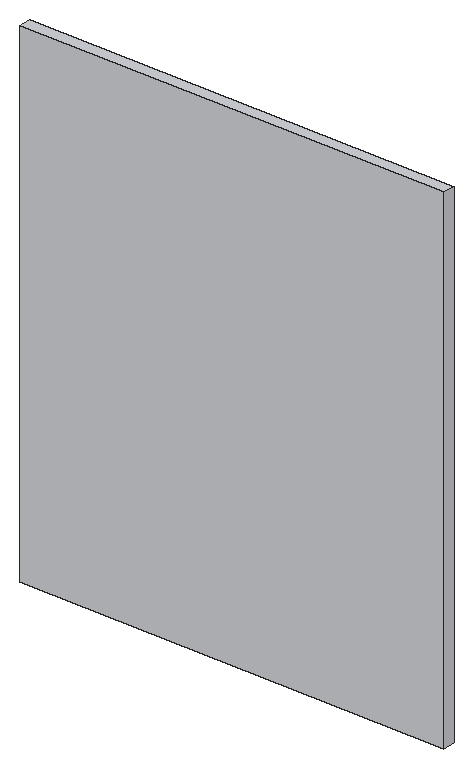
Revit family "Front - Plain", category Casework, Revit 2024
Family settings
  Work Plane-Based = No
  Always vertical = Yes
  Cut with Voids When Loaded = No
  Shared = No
  Room Calculation Point = No
Parameters (values of type "Front - Plain")
  Width = 600 mm
  Swing = yes
  Height = 704 mm
  Front Finish = none
  Depth = 16 mm
  Default Elevation = 0 mm
  Creator Organization [instance] = "© Danish Educational Content"  # constant formula
  Creator Name [instance] = "© Erik Falck Jørgensen"  # constant formula
  Creator Build [instance] = "2023.0405.0"  # constant formula
  Assembly Code = ""
Reference planes
  plane 1 "Front": y = 0
  plane 2: z = 0
  plane 3 "Center (Left/Right)": x = 0
  plane 4: x = -300
  plane 5: x = 300
  plane 6: z = 704
Forms (mm)
  Extrusion 1, solid, material <- "Front Finish"
    sketch origin (0, 0, 0) x (1, 0, 0) y (0, 0, 1)
      loop
        line (-297, 701) -> (-297, 3) -> (297, 3) -> (297, 701) -> (-297, 701)
    from 0 to 16 <- "Depth"
Lines and regions (mm)
  reference lines
    curve 1: line (-300, 0, 0) -> (392.82, -400, 0)
  symbolic lines, style "Elevation Swing", visible <- "Swing"
    curve 2: line (-300, 0, 0) -> (219.615, -300, 0)
    curve 3: arc (300, 0, 0) -> (279.555, -155.291, 0) -> (219.615, -300, 0) r 600
Dimensions and locks
  equal spacing: plane 4, plane 3 "Center (Left/Right)", plane 5
  "Width": plane 4 to plane 5
  "Height": plane 6 to plane 2
  locked: Extrusion 1 sketch curve to plane 2 at 3
  locked: plane 6 to Extrusion 1 sketch curve at 3
  locked: Extrusion 1 sketch curve to plane 4 at 3
  locked: plane 5 to Extrusion 1 sketch curve at 3
  locked: curve 1 to plane 1 "Front" (angle 30.00°)
  aligned and locked: level to plane 2
  aligned and locked: curve 2 to curve 1
Automatic sketch dimensions
  plane 1 "Front" to curve 1 = 0 mm
  curve 1 to plane 4 = 0 mm
  plane 1 "Front" to curve 3 = 0 mm
  curve 3 to plane 4 = 0 mm
  plane 1 "Front" to curve 2 = 0 mm
  curve 3 to plane 5 = 0 mm
